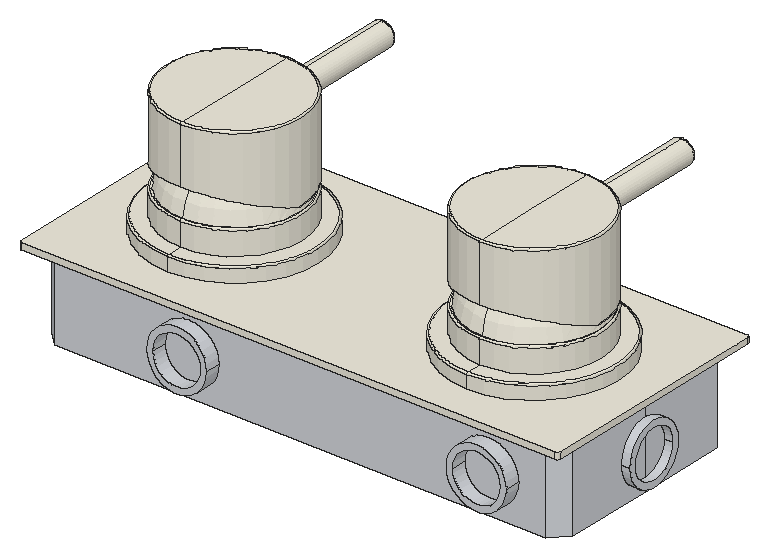
Revit family "Reece_Tap_Sussex_Scala_Dual Mixer Tap", category Plumbing Fixtures, host Face, Revit 2018
Family settings
  Host = Face
  Round Connector Dimension = Use Diameter
  Part Type = Normal
  Cut with Voids When Loaded = No
  Shared = Yes
  Room Calculation Point = Yes
Parameters (values of type "PVD Brushed Platinum Gold")
  WFU = 0  # constant formula
  URL = "https://www.reece.com.au/product/-2268228"
  Type Comments = "Tap"
  Reece_Tap_Projection = 85 mm  # constant formula
  Reece_Tap_Inlet = 12.5 mm  # constant formula
  Reece_Tap_Handle_Top_Height = 27 mm  # constant formula
  Reece_Tap_Handle_Spacing = 100 mm  # constant formula
  Reece_Tap_Handle_Heigt = 42 mm  # constant formula
  Reece_Tap_Handle_Bottom_Height = 13 mm  # constant formula
  Reece_Product_Web Page = "https://www.reece.com.au/product/-2268228"
  Reece_Product_Type = "Tap"  # constant formula
  Reece_Product_Sub Brand = "Scala"  # constant formula
  Reece_Product_Number = "2268228"
  Reece_Product_Mount = "Wall Mounted"
  Reece_Product_Description = "Sussex Scala Dual Mixer Tap with Master Fit System LUX PVD Brushed Platinum Gold"
  Reece_Product_Brand = "Sussex"  # constant formula
  Reece_Overall_Projection = 45 mm  # constant formula
  Reece_Overall_Length = 180 mm  # constant formula
  Reece_Overall_Height = 80 mm  # constant formula
  Reece_Overall_Diameter = 56 mm  # constant formula
  Reece_Material_Main = Reece_PVD_Brushed_Platinum Gold
  Reece_Detail_Installation = ""
  Reece_Detail_Disclaimer = "THIS FILE IS THE PROPERTY OF THE REECE GROUP. IT MAY NOT BE REPRODUCED, REVERSE-ENGINEERED OR MODIFIED. ANY REPUBLICATION, TRANSMISSION OR DISTRIBUTION FOR THE PURPOSE OF COMMERCIALLY EXPLOITING THE FILES IS PROHIBITED."  # constant formula
  Reece_Detail_Connector = ""
  Reece_Detail_Additional = "Dual Mixer Tap"  # constant formula
  Model = "Scala"
  Manufacturer = "Sussex"
  Keynote = "Product #2268228, Reece_Tap_Sussex_Scala_Dual Mixer Tap - PVD Brushed Platinum Gold"
  HWFU = 0  # constant formula
  Disclaimer = "THIS FILE IS THE PROPERTY OF THE REECE GROUP. IT MAY NOT BE REPRODUCED, REVERSE-ENGINEERED OR MODIFIED. ANY REPUBLICATION, TRANSMISSION OR DISTRIBUTION FOR THE PURPOSE OF COMMERCIALLY EXPLOITING THE FILES IS PROHIBITED."  # constant formula
  Description = "Scala Dual Mixer Tap with Master Fit System LUX PVD Brushed Platinum Gold"
  Default Elevation = 1000 mm
  CWFU = 0  # constant formula
Types (3, lengths in mm): name | URL | Reece_Product_Web Page | Reece_Product_Number | Reece_Product_Description | Reece_Material_Main | Keynote | Description
  Chrome | "https://www.reece.com.au/product/-2262484" | "https://www.reece.com.au/product/-2262484" | "2262484" | "Sussex Scala Dual Mixer Tap with Master Fit System Chrome" | Reece_Brass_Chrome | "Product #2262484, Reece_Tap_Sussex_Scala_Dual Mixer Tap - Chrome" | "Scala Dual Mixer Tap with Master Fit System Chrome"
  PVD Brushed Platinum Gold | "https://www.reece.com.au/product/-2268228" | "https://www.reece.com.au/product/-2268228" | "2268228" | "Sussex Scala Dual Mixer Tap with Master Fit System LUX PVD Brushed Platinum Gold" | Reece_PVD_Brushed_Platinum Gold | "Product #2268228, Reece_Tap_Sussex_Scala_Dual Mixer Tap - PVD Brushed Platinum Gold" | "Scala Dual Mixer Tap with Master Fit System LUX PVD Brushed Platinum Gold"
  Satin Chrome | "https://www.reece.com.au/product/-2262980" | "https://www.reece.com.au/product/-2262980" | "2262980" | "Sussex Scala Dual Mixer Tap with Master Fit System Satin Chrome" | Reece_Brass_Satin Chrome | "Product #2262980, Reece_Tap_Sussex_Scala_Dual Mixer Tap - Satin Chrome" | "Scala Dual Mixer Tap with Master Fit System Satin Chrome"
Reference planes
  plane 1 "Center (Front/Back)": y = 0
  plane 2 "Bottom": z = 0
  plane 3 "Center (Left/Right)": x = 0
  plane 4 "Top": z = 44
  plane 5: y = 40
  plane 6: y = -40
  plane 7: x = -90
  plane 8: x = 90
  plane 9: x = -50
  plane 10: x = 50
  plane 11: x = -27.464
  plane 12: z = 2
  plane 13: y = 22.5
  plane 14: y = -22.5
  plane 15: x = -72.5
  plane 16: x = -86.958
  plane 17: x = 86.958
  plane 18: x = -86.958
  plane 19: x = 86.958
  plane 20: z = 17
  plane 21: z = 17
  plane 22: x = 22
  plane 23: x = 78
  plane 24: y = 62
Forms (mm)
  Extrusion 1, solid
    sketch origin (0, 0, 0) x (1, 0, 0) y (0, 1, 0)
      loop
        line (-86.958, -1.133) -> (-86.958, -30) -> (-81.958, -35) -> (81.958, -35) -> (86.958, -30) -> (86.958, 0.306) -> (86.958, 30) -> (81.958, 35) -> (-81.958, 35) -> (-86.958, 30) -> (-86.958, -1.133)
    from 0 to -28.19
  Extrusion 2, solid
    sketch origin (0, 0, 0) x (1, 0, 0) y (0, 0, 1)
      loop
        circle (-37.227, -14.863) r 10
      loop
        circle (-37.227, -14.863) r 8
    from 0 to 40
  Extrusion 3, solid
    sketch origin (-100, 0, 0) x (-1, 0, 0) y (0, 0, -1)
      loop
        circle (-37.227, 14.863) r 10
      loop
        circle (-37.227, 14.863) r 8
    from -40 to 0
  Extrusion 4, solid
    sketch origin (0, 0, 0) x (0, 1, 0) y (0, 0, 1)
      loop
        circle (0, -15.647) r 10
      loop
        circle (0, -15.647) r 8
    from 90 to -90
  Extrusion 5, void
    sketch origin (0, 0, 0) x (1, 0, 0) y (0, 1, 0)
      loop
        arc (-90, -39) -> (-89.707, -39.707) -> (-89, -40) r 1
        line (-89, -40) -> (89, -40)
        arc (89, -40) -> (89.707, -39.707) -> (90, -39) r 1
        line (90, -39) -> (90, 39)
        arc (90, 39) -> (89.707, 39.707) -> (89, 40) r 1
        line (89, 40) -> (-89, 40)
        arc (-89, 40) -> (-89.707, 39.707) -> (-90, 39) r 1
        line (-90, 39) -> (-90, -39)
    from 0 to -28.19
  Extrusion 6, solid
    sketch origin (0, 0, 0) x (-1, 0, 0) y (0, 0, -1)
      loop
        circle (-37.227, 14.863) r 10
      loop
        circle (-37.227, 14.863) r 8
    from -40 to 0
  Extrusion 7, solid
    sketch origin (100, 0, 0) x (1, 0, 0) y (0, 0, 1)
      loop
        circle (-37.227, -14.863) r 10
      loop
        circle (-37.227, -14.863) r 8
    from 0 to 40
  Extrusion 8, solid, material "Reece_PVD_Brushed_Platinum Gold" <- "Reece_Material_Main"
    sketch origin (0, 0, 0) x (1, 0, 0) y (0, 1, 0)
      loop
        arc (-89, 40) -> (-89.707, 39.707) -> (-90, 39) r 1
        line (-90, 39) -> (-90, -39)
        arc (-90, -39) -> (-89.707, -39.707) -> (-89, -40) r 1
        line (-89, -40) -> (89, -40)
        arc (89, -40) -> (89.707, -39.707) -> (90, -39) r 1
        line (90, -39) -> (90, 39)
        arc (90, 39) -> (89.707, 39.707) -> (89, 40) r 1
        line (89, 40) -> (-89, 40)
    from 0 to 2
Cuts and joins
  joined: Extrusion 1, Extrusion 2, Extrusion 3, Extrusion 4, Extrusion 6, Extrusion 7
Text (mm)
  text "Reece Copyright © 2018, Reece Ltd." at (-280.485, -172.675, 0), in view "Ref. Level"
  text "Reece ©" at (44.384, 258.95, 192.345), in view "Reece Preview"
Dimensions and locks
  equal spacing: plane 7, plane 3 "Center (Left/Right)", plane 8
  "Reece_Overall_Length": plane 7 to plane 8
  "Reece_Tap_Handle_Spacing": plane 9 to plane 10
  plane 12 to host face = 2 mm  (x2)
  "Reece_Overall_Height": plane 6 to plane 5
  plane 2 "Bottom" to plane 12 = 2 mm
  plane 15 to plane 11 = 45.036 mm  (x2)
  nested 2 to nested 1 = 100 mm
  host face to plane 4 "Top" = 44 mm
  plane 10 to plane 9 = 100 mm
  host face to plane 12 = 2 mm
  equal spacing: plane 9, plane 3 "Center (Left/Right)", plane 10
  "Reece_Tap_Handle_Heigt": plane 4 "Top" to plane 12
  "Reece_Tap_Handle_Top_Height": plane 4 "Top" to plane 21
  equal spacing: plane 22, plane 10, plane 23
  "Reece_Overall_Diameter": plane 22 to plane 23
  plane 24 to plane 14 = 84.5 mm  (x2)
  aligned and locked: plane 2 "Bottom" to host face
  aligned and locked: level to host face
  aligned and locked: plane 9 to nested 1
  aligned and locked: nested 2 to plane 10
Automatic sketch dimensions
  host sketch curve to host sketch curve = 380.785 mm
  host sketch curve to host sketch curve = 317.421 mm
  Extrusion 1 sketch curve to plane 16 = 0 mm
  Extrusion 1 sketch curve to plane 17 = 0 mm
  Extrusion 1 sketch curve to plane 16 = 5 mm  (x2)
  Extrusion 1 sketch curve to plane 17 = 5 mm  (x2)
  plane 6 to Extrusion 1 sketch curve = 5 mm
  Extrusion 1 sketch curve to Extrusion 1 sketch curve = 5 mm  (x2)
  plane 1 "Center (Front/Back)" to Extrusion 1 sketch curve = 1.133 mm
  Extrusion 1 sketch curve to plane 1 "Center (Front/Back)" = 0.306 mm
  plane 13 to Extrusion 1 sketch curve = 7.5 mm  (x2)
  plane 5 to Extrusion 1 sketch curve = 5 mm
  Extrusion 2 sketch curve to Extrusion 2 sketch curve = 0 mm  (x2)
  plane 11 to Extrusion 2 sketch curve = 9.763 mm
  Extrusion 2 sketch curve to level = 14.863 mm
  Extrusion 3 sketch curve to Extrusion 3 sketch curve = 0 mm  (x2)
  plane 15 to Extrusion 3 sketch curve = 9.727 mm
  level to Extrusion 3 sketch curve = 14.863 mm
  Extrusion 4 sketch curve to Extrusion 4 sketch curve = 0 mm  (x2)
  Extrusion 4 sketch curve to plane 1 "Center (Front/Back)" = 0 mm
  Extrusion 4 sketch curve to level = 15.647 mm
  Extrusion 6 sketch curve to Extrusion 6 sketch curve = 0 mm  (x2)
  plane 10 to Extrusion 6 sketch curve = 12.773 mm
  level to Extrusion 6 sketch curve = 14.863 mm
  Extrusion 7 sketch curve to Extrusion 7 sketch curve = 0 mm  (x2)
  plane 10 to Extrusion 7 sketch curve = 12.773 mm
  Extrusion 7 sketch curve to level = 14.863 mm
  Extrusion 5 sketch curve to plane 7 = 0 mm
  Extrusion 5 sketch curve to plane 6 = 0 mm
  plane 5 to Extrusion 5 sketch curve = 0 mm
  Extrusion 5 sketch curve to plane 8 = 0 mm
  Extrusion 5 sketch curve to plane 7 = 1 mm
  plane 6 to Extrusion 5 sketch curve = 1 mm
  Extrusion 5 sketch curve to plane 8 = 1 mm
  plane 5 to Extrusion 5 sketch curve = 1 mm
  Extrusion 8 sketch curve to plane 7 = 0 mm
  Extrusion 8 sketch curve to plane 6 = 0 mm
  plane 5 to Extrusion 8 sketch curve = 0 mm
  Extrusion 8 sketch curve to plane 8 = 0 mm
  Extrusion 8 sketch curve to plane 7 = 1 mm
  plane 5 to Extrusion 8 sketch curve = 1 mm  (x2)
  Extrusion 8 sketch curve to plane 8 = 1 mm
  radius of Extrusion 2 sketch curve = 10 mm
  radius of Extrusion 2 sketch curve = 8 mm
  radius of Extrusion 3 sketch curve = 10 mm
  radius of Extrusion 3 sketch curve = 8 mm
  radius of Extrusion 4 sketch curve = 10 mm
  radius of Extrusion 4 sketch curve = 8 mm
  radius of Extrusion 6 sketch curve = 10 mm
  radius of Extrusion 6 sketch curve = 8 mm
  radius of Extrusion 7 sketch curve = 10 mm
  radius of Extrusion 7 sketch curve = 8 mm
Nested families
  nested 1: "Reece_Tap_Sussex_Scala_Mixer_Nested" at (-50, 0, 2), Reece_Material_Main <- "Reece_Material_Main", Reece_Tap_Handle_Bottom_Height <- "Reece_Tap_Handle_Bottom_Height", Reece_Tap_Handle_Top_Height <- "Reece_Tap_Handle_Top_Height", Reece_Tap_Handle_Height <- "Reece_Tap_Handle_Heigt", Reece_Tap_Projection <- "Reece_Tap_Projection", Reece_Overall_Diameter <- "Reece_Overall_Diameter", type "Reece_Tap_Sussex_Scala_Mixer_Nested"
    with Reece_Tap_Projection 85 mm, Reece_Tap_Handle_Top_Height 27 mm, Reece_Tap_Handle_Height 42 mm, Reece_Tap_Handle_Bottom_Height 13 mm, Reece_Overall_Diameter 56 mm, Reece_Material_Main Reece_PVD_Brushed_Platinum Gold
  nested 2: "Reece_Tap_Sussex_Scala_Mixer_Nested" at (50, 0, 2), Reece_Material_Main <- "Reece_Material_Main", Reece_Tap_Handle_Bottom_Height <- "Reece_Tap_Handle_Bottom_Height", Reece_Tap_Handle_Top_Height <- "Reece_Tap_Handle_Top_Height", Reece_Tap_Handle_Height <- "Reece_Tap_Handle_Heigt", Reece_Tap_Projection <- "Reece_Tap_Projection", Reece_Overall_Diameter <- "Reece_Overall_Diameter", type "Reece_Tap_Sussex_Scala_Mixer_Nested"
    with Reece_Tap_Projection 85 mm, Reece_Tap_Handle_Top_Height 27 mm, Reece_Tap_Handle_Height 42 mm, Reece_Tap_Handle_Bottom_Height 13 mm, Reece_Overall_Diameter 56 mm, Reece_Material_Main Reece_PVD_Brushed_Platinum Gold
Connectors
  piping at (90, 0, -15.647), diameter 12.5, driven by "Reece_Tap_Inlet"
    settings: on cut or joined group of Extrusion 1, Extrusion 2, Extrusion 3, Extrusion 4, Extrusion 6, Extrusion 7, index 1, connector inside diameter 609.6 mm, connector length 0 mm, flow factor 0, pipe flow 0.0 L/s, pressure drop 0.0 Pa, fitting loss kfactor 0, connector angle 0.00°, fixture units 0, engagement length 0 mm, angle of deflection 0.00°, flow configuration 0, flow direction 1, fitting loss method 0, system type 29, joint type 0, gender type 0, connector reference index -1, connector utility 0, adjustable connector no, is connector primary yes, connector description ""
  piping at (-90, 0, -15.647), diameter 12.5, driven by "Reece_Tap_Inlet"
    settings: on cut or joined group of Extrusion 1, Extrusion 2, Extrusion 3, Extrusion 4, Extrusion 6, Extrusion 7, index 2, connector inside diameter 609.6 mm, connector length 0 mm, flow factor 0, pipe flow 0.0 L/s, pressure drop 0.0 Pa, fitting loss kfactor 0, connector angle 0.00°, fixture units 0, engagement length 0 mm, angle of deflection 0.00°, flow configuration 0, flow direction 1, fitting loss method 0, system type 29, joint type 0, gender type 0, connector reference index -1, connector utility 0, adjustable connector no, is connector primary no, connector description ""
  piping at (-37.227, -40, -14.863), diameter 12.5, driven by "Reece_Tap_Inlet"
    settings: on cut or joined group of Extrusion 1, Extrusion 2, Extrusion 3, Extrusion 4, Extrusion 6, Extrusion 7, index 3, connector inside diameter 609.6 mm, connector length 0 mm, flow factor 0, pipe flow 0.0 L/s, pressure drop 0.0 Pa, fitting loss kfactor 0, connector angle 0.00°, fixture units 0, engagement length 0 mm, angle of deflection 0.00°, flow configuration 0, flow direction 1, fitting loss method 0, system type 29, joint type 0, gender type 0, connector reference index -1, connector utility 0, adjustable connector no, is connector primary no, connector description ""
  piping at (37.227, 40, -14.863), diameter 12.5, driven by "Reece_Tap_Inlet"
    settings: on cut or joined group of Extrusion 1, Extrusion 2, Extrusion 3, Extrusion 4, Extrusion 6, Extrusion 7, index 4, connector inside diameter 609.6 mm, connector length 0 mm, flow factor 0, pipe flow 0.0 L/s, pressure drop 0.0 Pa, fitting loss kfactor 0, connector angle 0.00°, fixture units 0, engagement length 0 mm, angle of deflection 0.00°, flow configuration 0, flow direction 1, fitting loss method 0, system type 29, joint type 0, gender type 0, connector reference index -1, connector utility 0, adjustable connector no, is connector primary no, connector description ""
  piping at (-62.773, 40, -14.863), diameter 12.5, driven by "Reece_Tap_Inlet"
    settings: on cut or joined group of Extrusion 1, Extrusion 2, Extrusion 3, Extrusion 4, Extrusion 6, Extrusion 7, index 5, connector inside diameter 609.6 mm, connector length 0 mm, flow factor 0, pipe flow 0.0 L/s, pressure drop 0.0 Pa, fitting loss kfactor 0, connector angle 0.00°, fixture units 0, engagement length 0 mm, angle of deflection 0.00°, flow configuration 0, flow direction 2, fitting loss method 0, system type 29, joint type 0, gender type 0, connector reference index -1, connector utility 0, adjustable connector no, is connector primary no, connector description ""
  piping at (62.773, -40, -14.863), diameter 12.5, driven by "Reece_Tap_Inlet"
    settings: on cut or joined group of Extrusion 1, Extrusion 2, Extrusion 3, Extrusion 4, Extrusion 6, Extrusion 7, index 6, connector inside diameter 609.6 mm, connector length 0 mm, flow factor 0, pipe flow 0.0 L/s, pressure drop 0.0 Pa, fitting loss kfactor 0, connector angle 0.00°, fixture units 0, engagement length 0 mm, angle of deflection 0.00°, flow configuration 0, flow direction 2, fitting loss method 0, system type 29, joint type 0, gender type 0, connector reference index -1, connector utility 0, adjustable connector no, is connector primary no, connector description ""
Definition of nested family "Reece_Tap_Sussex_Scala_Mixer_Nested"
  Parameters (values of type "Reece_Tap_Sussex_Scala_Mixer_Nested")
    Waste Connection = no
    WFU = 0
    Vent Connection = no
    URL = ""
    Type Comments = ""
    Reece_Tap_Projection [instance] = 85 mm
    Reece_Tap_Handle_Top_Height [instance] = 30 mm
    Reece_Tap_Handle_Height [instance] = 46.4 mm
    Reece_Tap_Handle_Bottom_Height [instance] = 15 mm
    Reece_Overall_Diameter [instance] = 55 mm
    Reece_Material_Main [instance] = none
    Model = ""
    Manufacturer = ""
    Keynote = ""
    HWFU = 0
    HW Connection = no
    Description = ""
    Default Elevation = 0 mm
    Cost = 0
    CWFU = 0
    CW Connection = no
    Assembly Code = ""
  Reference planes
    plane 1 "Center (Front/Back)": y = 0
    plane 2 "Bottom": z = 0
    plane 3 "Center (Left/Right)": x = 0
    plane 4: y = -27.5
    plane 5: y = 27.5
    plane 6: z = 36
    plane 7: x = -27
    plane 8: x = 27
    plane 9: z = 46.4
    plane 10: z = 16.4
    plane 11: z = 15
    plane 12: y = -22.5
    plane 13: y = 62.5
    plane 14: z = 4.8
    plane 15: x = -22.5
    plane 16: x = 22.5
  Forms (mm)
    Extrusion 1, solid
      sketch origin (619.2, -619.2, 0) x (1, 0, 0) y (0, 1, 0)
        loop
          line (-809.2, 779.2) -> (-809.2, 461.779) -> (-428.415, 461.779) -> (-428.415, 779.2) -> (-809.2, 779.2)
      from 0 to -9.564
    Revolve 2, solid, material <- "Reece_Material_Main"
      sketch origin (0, 0, 0) x (0, 1, 0) y (0, 0, 1)
        loop
          line (0, 0) -> (0, 15) -> (-22, 15)
          arc (-22, 15) -> (-22.354, 14.854) -> (-22.5, 14.5) r 0.5
          line (-22.5, 14.5) -> (-22.5, 4.8) -> (-27, 4.8)
          arc (-27, 4.8) -> (-27.354, 4.654) -> (-27.5, 4.3) r 0.5
          line (-27.5, 4.3) -> (-27.5, 0) -> (0, 0)
        axis (0, 15) -> (0, 0)
      angle from 0 to 360
    Revolve 3, solid, material <- "Reece_Material_Main"
      sketch origin (0, 0, 30.1) x (0, -1, 0) y (0, 0, -1)
        loop
          line (0, -5.9) -> (-62.5, -5.9) -> (-62.5, -9.4)
          arc (-62.5, -9.4) -> (-62.354, -9.754) -> (-62, -9.9) r 0.5
          line (-62, -9.9) -> (0, -9.9) -> (0, -5.9)
        axis (0, -5.9) -> (-62.5, -5.9)
      angle from 0 to 360
    Revolve 4, solid, material <- "Reece_Material_Main"
      sketch origin (0, 0, 0) x (0, 1, 0) y (0, 0, 1)
        loop
          line (0, 15) -> (0, 31.322)
          arc (0, 31.322) -> (-13.307, 26.749) -> (-21.048, 15) r 21.8
          line (-21.048, 15) -> (0, 15)
        axis (0, 31.322) -> (0, 15)
      angle from 0 to 360
    Revolve 5, solid, material <- "Reece_Material_Main"
      sketch origin (0, 0, 0) x (0, 1, 0) y (0, 0, 1)
        loop
          line (0, 46.4) -> (-22, 46.4)
          arc (-22, 46.4) -> (-22.354, 46.254) -> (-22.5, 45.9) r 0.5
          line (-22.5, 45.9) -> (-22.5, 16.9)
          arc (-22.5, 16.9) -> (-22.354, 16.546) -> (-22, 16.4) r 0.5
          line (-22, 16.4) -> (0, 16.4) -> (0, 46.4)
        axis (0, 46.4) -> (0, 16.4)
      angle from 0 to 360
    Extrusion 6, void
      sketch origin (0, 0, 0) x (0, 1, 0) y (0, 0, 1)
        loop
          line (0, 16.4) -> (-25.877, 28.551) -> (-25.877, 16.4) -> (0, 16.4)
      from -27 to 27
  Cuts and joins
    Extrusion 6 cuts Revolve 5
    joined: Revolve 2, Revolve 3, Revolve 4, Revolve 5
  Text (mm)
    text "Reece Copyright © 2018, Reece Ltd." at (-535.299, -238.73, 0), in view "Ref. Level"
    text "Reece ©" at (44.384, 258.95, 192.345), in view "Reece Preview"
  Dimensions and locks
    "Reece_Overall_Diameter": plane 4 to plane 5
    equal spacing: plane 4, plane 1 "Center (Front/Back)", plane 5
    "Reece_Tap_Handle_Top_Height": plane 9 to plane 10
    "Reece_Tap_Handle_Height": plane 9 to plane 2 "Bottom"
    locked: plane 9 to plane 6 at 10.4
    "Reece_Tap_Handle_Bottom_Height": plane 11 to plane 2 "Bottom"
    "Reece_Tap_Projection": plane 13 to plane 12
    plane 14 to Extrusion 1 = 4.8 mm
    plane 15 to plane 16 = 45 mm
    locked: plane 12 to plane 4 at 5
    locked: Revolve 2 sketch curve to Revolve 2 sketch curve at 22.5
    locked: Revolve 5 sketch curve to Revolve 5 sketch curve at 22.5
    aligned and locked: plane 2 "Bottom" to Extrusion 1
    aligned and locked: level to Extrusion 1
    aligned and locked: cut or joined group of Revolve 2, Revolve 3, Revolve 4, Revolve 5, Extrusion 6 to plane 11
    aligned and locked: Revolve 4 to plane 11  (x2)
    aligned and locked: plane 10 to Revolve 5 sketch curve
    aligned and locked: plane 9 to Revolve 5 sketch curve
    aligned and locked: plane 10 to Extrusion 6 sketch curve
    aligned and locked: Revolve 3 sketch curve to plane 13
    aligned and locked: Revolve 2 sketch curve to plane 4
    aligned and locked: cut or joined group of Revolve 2, Revolve 3, Revolve 4, Revolve 5, Extrusion 6 to Revolve 5 sketch curve
  Automatic sketch dimensions
    Extrusion 1 sketch curve to Extrusion 1 sketch curve = 380.785 mm
    Extrusion 1 sketch curve to Extrusion 1 sketch curve = 317.421 mm
    plane 6 to Revolve 3 sketch curve = 0 mm
    Revolve 3 sketch curve to plane 6 = 0 mm
    Revolve 3 sketch curve to plane 1 "Center (Front/Back)" = 0 mm
    plane 6 to Revolve 3 sketch curve = 3.5 mm
    Revolve 3 sketch curve to Revolve 3 sketch curve = 0.5 mm
    Revolve 3 sketch curve to plane 1 "Center (Front/Back)" = 5 mm
    Revolve 3 sketch curve to Revolve 3 sketch curve = 5 mm
    plane 4 to Extrusion 6 sketch curve = 1.623 mm
    Extrusion 6 sketch curve to plane 1 "Center (Front/Back)" = 0 mm
    Extrusion 6 sketch curve to plane 6 = 7.449 mm
    Revolve 5 sketch curve to plane 1 "Center (Front/Back)" = 0 mm
    Revolve 5 sketch curve to plane 11 = 0 mm
    Revolve 5 sketch curve to plane 9 = 0.5 mm
    Revolve 5 sketch curve to Revolve 5 sketch curve = 0.5 mm
    Revolve 5 sketch curve to level = 20 mm
    Revolve 4 sketch curve to plane 11 = 0 mm
    Revolve 4 sketch curve to plane 1 "Center (Front/Back)" = 0 mm  (x2)
    Revolve 4 sketch curve to plane 10 = 0 mm
    Revolve 4 sketch curve to plane 1 "Center (Front/Back)" = 0.053 mm
    plane 14 to Revolve 4 sketch curve = 4.723 mm
    Revolve 4 sketch curve to plane 12 = 1.452 mm
    Revolve 4 sketch curve to Revolve 4 sketch curve = 2.019 mm
    level to Revolve 2 sketch curve = 0 mm
    Revolve 2 sketch curve to plane 14 = 0 mm
    Revolve 2 sketch curve to plane 11 = 0 mm  (x2)
    Revolve 2 sketch curve to plane 1 "Center (Front/Back)" = 0 mm  (x2)
    plane 4 to Revolve 2 sketch curve = 0.5 mm
    Revolve 2 sketch curve to Revolve 2 sketch curve = 0.5 mm
    Revolve 2 sketch curve to level = 20 mm
